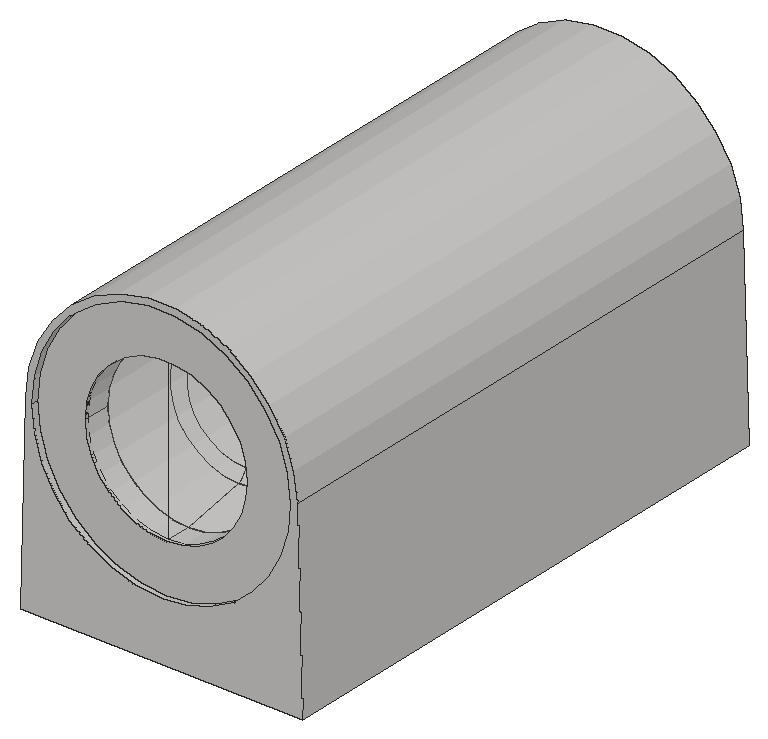
Revit family "Lighting_Outside_Nordlux_Canto-2_2-Maxi", category Lighting Fixtures, host Face, Revit 2017
Family settings
  Host = Face
  Round Connector Dimension = Use Diameter
  Part Type = Normal
  OmniClass Number = 23.80.70.00
  OmniClass Title = Lighting
  Cut with Voids When Loaded = No
  Light Source = Yes
  Shared = No
  Room Calculation Point = No
Parameters (values of type "Canto Maxi 2 - stainless steel")
  Wattage = 3.36605 W
  WarrantyStartDate [instance] = "n/a"
  WarrantyGuarantorParts = "n/a"
  WarrantyGuarantorLabor = "n/a"
  WarrantyDurationUnit = "Hours"
  WarrantyDurationParts = "n/a"
  WarrantyDurationLabor = "n/a"
  WarrantyDescription = "n/a"
  built-in parameter 1150110 = 1 (stored number, unit not read)
  VersionDate = "30/08/2019"  # constant formula
  Version = "1"  # constant formula
  UsageCurrent = 0 A
  Uniclass2015Reference = "Pr_70_70_48_85"
  Uniclass2015Description = "Surface luminaires"
  Uniclass2 = "Pr_70_70_48_85"
  URL = "https://www.nordlux.com/products/product/49721034"
  Type Comments = ""
  TotalWattage = 56 W
  built-in parameter 1114217 = 1 (stored number, unit not read)
  Tilt Angle = 90.00°
  built-in parameter 1150109 = 1 (stored number, unit not read)
  built-in parameter 1150134 = (empty or 0)
  TagNumber [instance] = "n/a"
  SustainabilityPerformance = "n/a"
  built-in parameter 1150113 = 1 (stored number, unit not read)
  Socket = "GU10"
  Size = "85x105x170 mm"
  Shape = "Sculptured"
  SerialNumber [instance] = "n/a"
  Revision = "n/a"
  ReplacementCost = "n/a"
  ProductInformation = "Whether Canto 2.0 is placed indoors or outdoors, the lamp offers a unique lighting experience. The minimalist design makes the lamp both decorative and sculptural. The light flows both up and down, and with the three included pattern inserts, it is possible to change the light image according to desire and personal style."
  Product data url = "https://www.bimobject.com/nordlux/product/canto_maxi_2_wall"
  Photometric Web File = "7757 Canto Væg Hvid No mask.ies"
  PhaseReference = "n/a"
  PhaseAngle = 0.00°
  NumberOfSources = 0
  NumberOfPoles = 1
  built-in parameter 1150142 = "IESNA:LM-63-2002\r\n[TEST] Viso LabSpion - serial: 3247052577 sensor serial: 0408532695\r\n[TESTLAB] Viso LabSpion - serial: 3247052577 sensor serial: 0408532695 - Test lab\r\n[MANUFAC] Nordlux\r\n[ISSUEDATE] 04-06-2019\r\n[LUMINAIRE] 7757 Canto Væg Hvid No mask\r\n[LUMCAT] B2019137A\r\n[_SERIALNUMBER] VFR-190604-0342-MS\r\nTILT=NONE\r\n1 507 1 49 1 1 2 -0.05 -0.05 0.105\r\n1.0 1.0 9.28\r\n0 3.75 7.5 11.25 15 18.75 22.5 26.25 30 33.75 37.5 41.25 45 48.75 52.5 56.25 60 63.75 67.5 71.25 75 78.75 82.5 86.25 90 93.75 97.5 101.25 105 108.75 112.5 116.25 120 123.75 127.5 131.25 135 138.75 142.5 146.25 150 153.75 157.5 161.25\r\n 165 168.75 172.5 176.25 180\r\n0 \r\n137.5617 138.3003 139.3907 140.1546 140.0881 138.9877 139.8895 140.8041 140.1714 136.2723 117.5227 68.3958 33.6652 25.4271 19.3237 14.0922 10.4129 7.721 5.7489 4.3082 3.0718 1.8315 0.8048 0.4256 0.3665 0.41 0.8153 1.8892 3.1271 4.3138\r\n 5.7528 7.7601 10.4936 14.2345 19.4691 25.452 33.4808 66.2417 119.3705 136.4231 140.4421 141.0138 139.9872 139.2221 139.8901 139.9871 139.3014 138.4043 137.5617\r\n"
  NominalWidth = 87.1 mm
  NominalVoltageCalc = 0 V
  NominalVoltage = 230 V
  NominalLength = 172 mm
  NominalHeight = 100 mm
  NominalFrequencyRange = 50 Hz
  NominalCurrent = 0 A
  Name = "Nordlux_Canto-2_2-Maxi"
  NBSReference = "90-60-50/405"
  NBSDescription = "General purpose luminaires"
  ModelReference = ArticleNumber  # "49721034"
  ModelNumber = "n/a"
  Model = "Canto Maxi 2 - stainless steel"
  Material = "Steel"
  ManufacturersSpecificInformation = "n/a"
  ManufacturerURL = "https://www.nordlux.com/"
  ManufacturerName = "Nordlux"
  Manufacturer = "Nordlux"
  MaintenanceFactor = 0
  built-in parameter 1150105 = 39.789 (stored number, unit not read)
  Lumens = 500 lm
  built-in parameter 1150115 = 1 (stored number, unit not read)
  LightSource = "Not included"
  LightFixturePlacingType = "Wall"
  LightFixtureMountingType = "Surface"
  LightFixtureMainMaterial = Stainless steel
  built-in parameter 1150137 = (empty or 0)
  built-in parameter 1150139 = (empty or 0)
  LensMaterial = Glass
  built-in parameter 1150112 = 1 (stored number, unit not read)
  built-in parameter 1150114 = 1 (stored number, unit not read)
  InsulationStandardClass = "Class 1 (Earth contact)"
  InstallationDate [instance] = "n/a"
  built-in parameter 1150132 = 2
  built-in parameter 1150102 = (empty or 0)
  built-in parameter 1150107 = 2700 (stored number, unit not read)
  built-in parameter 1150138 = (empty or 0)
  built-in parameter 1150106 = 0.39789 (stored number, unit not read)
  IfcExportType = "NOTDEFINED"  # constant formula
  IfcExportAs = "IfcLightFixtureType"  # constant formula
  IP_Code = "IP44"
  HasProtectiveEarth = no
  Grade = "n/a"
  Finish = "n/a"
  Features = "Parallel connection possible"
  ExpectedLife = "n/a"
  EnergyClass = "D - A++"
  Emit from Circle Diameter = 50 mm
  Emit Shape Visible in Rendering = no
  ElectricalDeviceNominalPower = 0
  built-in parameter 1150104 = 13.8 (stored number, unit not read)
  EANNumber = "5701581483880"
  DurationUnit = "Hours"
  Dimming Lamp Color Temperature Shift = <None>
  Designer = "Bonnelycke MDD"
  Description = "Whether Canto 2.0 is placed indoors or outdoors, the lamp offers a unique lighting experience. The minimalist design makes the lamp both decorative and sculptural. The light flows both up and down, and with the three included pattern inserts, it is possible to change the light image according to desire and personal style."
  Default Elevation = 0 mm
  ConvergoRefNr = "0143-1909-0047-DK"
  Constituents = "n/a"
  Color Filter = 16777215
  Color = "Grey"
  CodePerformance = "n/a"
  Category = "Outdoor lighting"
  Brand = "n/a"
  Barcode [instance] = "n/a"
  built-in parameter 1114218 = 1 (stored number, unit not read)
  BIMObjectName = "Lighting_Outside_Nordlux_Canto-2_2-Maxi"
  Author = "Convergo AB"  # constant formula
  built-in parameter 1150133 = 10 (stored number, unit not read)
  AssetType = "Fixed"
  AssetIdentifier [instance] = "n/a"
  ArticleNumber = "49721034"
  AccessibilityPerformance = "n/a"
Types (7, lengths in mm): name | URL | ModelReference | Model | Material | LightFixtureMainMaterial | Finish | EANNumber | Color | ArticleNumber
  (no name) | "https://www.nordlux.com/products/product/49721034" | "49721034" | "Canto Maxi 2 - stainless steel" | "Steel" | Stainless steel | "n/a" | "5701581483880" | "Grey" | "49721034"
  Canto Maxi 2 - black | "https://www.nordlux.com/products/product/49721003" | "49721003" | "Canto Maxi 2 - black" | "Aluminium" | Black | "n/a" | "5701581483583" | "Black" | "49721003"
  Canto Maxi 2 - white | "https://www.nordlux.com/products/product/49721001" | "49721001" | "Canto Maxi 2 - white" | "Aluminium" | White | "n/a" | "5701581483484" | "White" | "49721001"
  Canto Maxi 2 - brass | "https://www.nordlux.com/products/product/49721035" | "49721035" | "Canto Maxi 2 - brass" | "Brass" | Brass | "n/a" | "5701581483989" | "Brass" | "49721035"
  Canto Maxi 2 - stainless steel | "https://www.nordlux.com/products/product/49721034" | "49721034" | "Canto Maxi 2 - stainless steel" | "Steel" | Stainless steel | "n/a" | "5701581483880" | "Grey" | "49721034"
  Canto Maxi 2 - galvanized steel | "https://www.nordlux.com/products/product/49721031" | "49721031" | "Canto Maxi 2 - galvanized steel" | "Steel" | Steel, Galvanized | "Galvanized steel" | "5701581483781" | "Grey" | "49721031"
  Canto Maxi 2 - grey | "https://www.nordlux.com/products/product/49721010" | "49721010" | "Canto Maxi 2 - grey" | "Aluminium" | Grey | "n/a" | "5701581483682" | "Grey" | "49721010"
Reference planes
  plane 1 "Center (Front/Back)": y = 0
  plane 2: z = 0
  plane 3 "Center (Left/Right)": x = 0
  plane 4: y = 86
  plane 5: y = -86
  plane 6: z = 100
  plane 7: x = 43.55
  plane 8: x = -43.55
Dimensions and locks
  equal spacing: plane 8, plane 3 "Center (Left/Right)", plane 7
  equal spacing: plane 4, plane 1 "Center (Front/Back)", plane 5
  "NominalLength": plane 4 to plane 5
  "NominalWidth": plane 8 to plane 7
  "NominalHeight": plane 6 to level
  aligned and locked: plane 2 to host face
  aligned and locked: level to host face
Automatic sketch dimensions
  host sketch curve to host sketch curve = 2438.4 mm  (x2)
Nested families
  nested 1: "Canto 2 maxi" at (0, 0, 0), Main <- "LightFixtureMainMaterial", type "Canto 2 maxi"
    with Main Stainless steel
Connectors
  electrical at (0, 0, 0.001), driven by "NominalVoltage"
    settings: on nested 1, index 1, voltage 230 V, apparent load 0 VA, apparent load phase1 0 VA, apparent load phase2 0 VA, apparent load phase3 0 VA, power factor 1, load classification "Other", number of poles 1, system type 31, power factor state 1, is connector primary yes, connector utility no, sub classification motor no, connector description ""
Definition of nested family "Canto 2 maxi"
  Parameters (values of type "Canto 2 maxi")
    Main [instance] = none
    Default Elevation = 1219.2 mm
  Reference planes
    plane 1 "Center (Front/Back)": y = 0
    plane 2: z = 0
    plane 3 "Center (Left/Right)": x = 0
    plane 4: x = -43.519
    plane 5: x = 43.519
    plane 6: z = 100
    plane 7: y = -86
    plane 8: y = 86
  Forms (mm)
    Extrusion 1, solid
      sketch origin (0, 0, 0) x (1, 0, 0) y (0, 1, 0)
        loop
          line (-1219.2, 1219.2) -> (-1219.2, -1219.2) -> (1219.2, -1219.2) -> (1219.2, 1219.2) -> (-1219.2, 1219.2)
      from 0 to -304.8
    Extrusion 2, solid, material <- "Main", detail levels medium+fine
      sketch origin (0, 0, 0) x (1, 0, 0) y (0, 0, 1)
        loop
          line (-42.011, 59.075) -> (-43.558, 0.001) -> (43.558, 0.001) -> (42.011, 59.075)
          arc (42.011, 59.075) -> (0, 100) -> (-42.011, 59.075) r 42.026
        loop
          circle (0, 58.024) r 39.948
      from -86 to 86
    Extrusion 3, solid, material <- "Main", detail levels medium+fine
      sketch origin (0, -31.5, 0) x (1, 0, 0) y (0, 0, 1)
        loop
          circle (0, 58.024) r 39.948
        loop
          circle (0, 58.024) r 25
      from 43.999 to 52.5
    Revolve 4, solid, detail levels medium+fine
      sketch origin (0, -31.5, 0) x (0, 1, 0) y (0, 0, 1)
        loop
          arc (-22, 76.039) -> (-22.751, 78.129) -> (-24.659, 79.265) r 3.286
          line (-24.659, 79.265) -> (-43.999, 83.024) -> (-51.522, 83.024) -> (-51.522, 58.024) -> (-22, 58.024) -> (-22, 76.039)
        axis (-51.522, 58.024) -> (-22, 58.024)
      angle from 0 to 360
    Extrusion 5, solid, material <- "Main", detail levels coarse
      sketch origin (0, 0, 0) x (1, 0, 0) y (0, 1, 0)
        loop
          line (-43.558, 86) -> (-43.558, -86) -> (43.558, -86) -> (43.558, 86) -> (-43.558, 86)
      from 0 to 100
    Extrusion 6, solid, material <- "Main", detail levels medium+fine
      sketch origin (0, 31.5, 0) x (1, 0, 0) y (0, 0, -1)
        loop
          circle (0, -58.024) r 39.948
        loop
          circle (0, -58.024) r 25
      from 43.999 to 52.5
    Revolve 7, solid, detail levels medium+fine
      sketch origin (0, 31.5, 0) x (0, -1, 0) y (0, 0, -1)
        loop
          line (-22, -76.039) -> (-22, -58.024) -> (-51.522, -58.024) -> (-51.522, -83.024) -> (-43.999, -83.024) -> (-24.659, -79.265)
          arc (-24.659, -79.265) -> (-22.751, -78.129) -> (-22, -76.039) r 3.286
        axis (-51.522, -58.024) -> (-22, -58.024)
      angle from 0 to 360
  Lines and regions (mm)
    symbolic lines, detail levels medium+fine
      curve 1: line (-43.519, 86, 0) -> (43.519, 86, 0)
      curve 2: line (-43.519, -86, 0) -> (-43.519, 86, 0)
      curve 3: line (43.519, -86, 0) -> (-43.519, -86, 0)
      curve 4: line (43.519, 86, 0) -> (43.519, -86, 0)
      curve 5: line (0, 86, 100) -> (0, -86, 100)
      curve 6: line (0, 86, 0) -> (0, 86, 100)
      curve 7: line (0, -86, 0) -> (0, 86, 0)
      curve 8: line (0, -86, 100) -> (0, -86, 0)
      curve 9: line (-42.011, 0, 59.075) -> (-43.558, 0, 0.001)
      curve 10: line (43.558, 0, 0.001) -> (42.011, 0, 59.075)
      curve 11: arc (42.011, 0, 59.075) -> (0, 0, 100) -> (-42.011, 0, 59.075) r 42.026
    symbolic lines, detail levels fine
      curve 12: circle (0, 0, 58.024) r 25 normal (0, -1, 0)
      curve 13: circle (0, 0, 58.024) r 39.948 normal (0, -1, 0)
  Dimensions and locks
    aligned and locked: plane 2 to Extrusion 1
    aligned and locked: level to Extrusion 1
